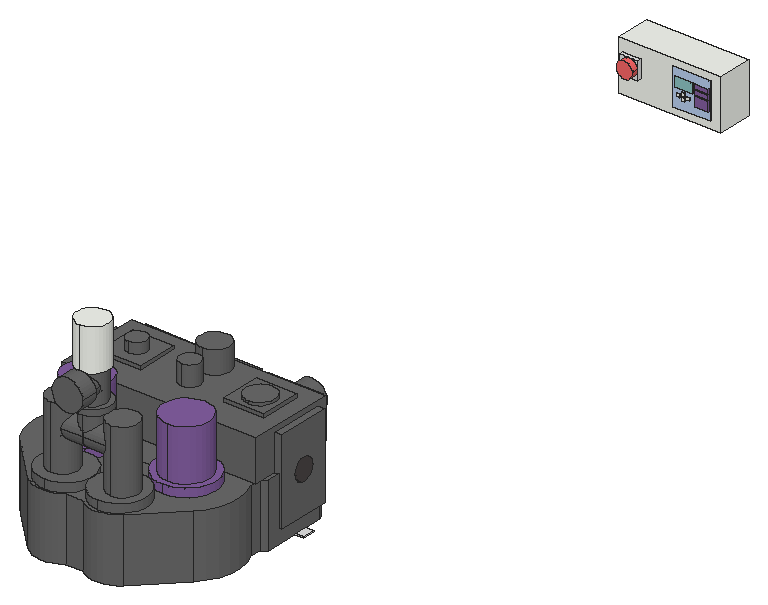
Revit family "28767", category Generic Models, Revit 2021
Family settings
  Can host rebar = No
  Round Connector Dimension = Use Diameter
  Part Type = Normal
  Work Plane-Based = No
  Always vertical = Yes
  Cut with Voids When Loaded = No
  Shared = Yes
  Room Calculation Point = No
Parameters (values of type "28767")
  SUPPLIER = "KESSEL"
  SA700ID50 = "intern"
  SA700ID49 = "Protection Class I"
  SA700ID48 = "no"
  SA700ID47 = "no"
  SA700ID46 = "yes"
  SA700ID37 = 16000 mm
  SA700ID34 = 47
  SA700ID33 = 3.2 W
  SA700ID32 = 91.55 kg
  SA700ID31 = 1
  SA700ID30 = 2
  SA700ID29 = "GLRD"
  SA700ID21 = 1600
  SA700ID10 = "yes"
  SA700ID08 = 400 V
  PROCUREWEBLINK = "https://p.caden.as/kessel/28767"
  PROCURELINK = "p.caden.as/kessel/28767"
  PROCUREDATALASTUPDATE = "2024-05-22T12:18:09.168422663+01:00"
  PRC_SPECIFICATIONLINK = "https://ausschreiben.de/catalog/kessel/catalogItem/64ba6cf4-e48e-4f2f-8d07-dbd7148e6b4a"
  NN = "Lifting station Aqualift F"
  NBSYN = "$SA810ID03."
  NB = "28767"
  Model = "28767"
  Manufacturer = "KESSEL"
  MIdent = "{$CADENAS_DATA/23d-libs/kessel/kessel_vdi_import/4/entwaesserung/hebeanlage20aqualift20f.prj},198 {STYP=ASS},{VTYP=3D},{NB=28767},{LINA=28767},{NN=Lifting station Aqualift F},{DATE=21.11.2022 10:45:45},{GEOMDATE=21.11.2022 10:45:45},{VERSION=},{LINEID=230},{WBVAR=LODLEVEL},{WBNUMERIC=LODLEVEL}  {NB=28767},{LINA=28767},{KT=DUMMY},{PREVIEW=../../bilder/ksb_w_28767.png},{SA700ID04=Hebeanlage Aqualift F Duo, Comfort, SPF 3000-S3, Schieber},{SA810ID06=04026092054581},{SA700ID34=47.00},{SA010ID03=201805},{SA810ID03=28767},{SA810ID10=Die Hebeanlage für fäkalienhaltiges und fäkalienfreies Abwasser ist mit zwei überflutbaren Pumpen sowie einem Rückflussverhinderer ausgestattet. Der Sammelbehälter aus dauerhaft beständigem Kunststoff (PE) bietet universale Anschlussmöglichkeiten und hat eine verschraubte Reinigungsöffnung.Die Steuerung erfolgt durch ein anwenderfreundliches Schaltgerät, das optional über einen potentialfreien Kontakt in die Gebäudeleittechnik eingebunden werden oder Alarm- und Sammelstörmeldungen über eine GSM-Schnittstelle (Comfort Schaltgerät) ausgeben kann.Ausführung:Absperreinrichtung: Schieber aus KunststoffAnlagenart: DoppelanlagePumpensteuerung: SchaltgerätRückflussverhinderer: integriertSchalldämmmatte: jaEinbausituation: freie AufstellungAbwasserart: fäkalienhaltigAllgemeine Merkmale:Farbe: schwarzNorm: EN 12050-1Abmessungen:Länge: 773 mmBreite: 780 mmHöhe: 788 mmBehälter/Grundkörper:Zulauf Anzahl: 2 STZulauf Nennweite (DN): 100 mmZulauf Nennweite (DA): 110 mmZulauf max. Anbohrung (DN): 150 mmAbstand Rohrsohle Zulauf zu Behälterboden: 245 mmAbstand Rohrmitte Zulauf zu Behälterboden: 300 mmAnschluss für Handmembranpumpe (DN): 32Behältervolumen: 120 lDruckabgang: waagerechtDruckabgang (DA): 110 mmDruckabgang (DN): 100 mmEntlüftungsanschluss (DN): 70 mmNutzvolumen: 50 lFreier Kugeldurchgang: 40 mmFördereinrichtung:Pumpe: SPF 3000Anzahl Pumpen: 2Förderhöhe max.: 16 mFörderleistung max.: 47 m3/hBetriebsart: S3 - 50 %Leistung P1: 3,2 kWLeistung P2: 2,7 kWDrehzahl: 2.845 U/minFörderguttemperatur (dauerhaft) max.: 40 °CAnschlusstyp: DirektanschlussGewicht: 24 kgLaufrad Typ: FreistromradLänge Netzanschlussleitung Pumpe: 5 mNennstrom: 5,4 ASchutzart Pumpe: IP 68 (3m/48h)Schutzklasse: ITyp Anschlussleitung Pumpe: H07RN-F 7G 1,5 mm2Temperaturüberwachung: integriertSteuerung:Schaltgerät: ComfortBetriebsspannung: 400 VNetzfrequenz: 50 HzSelbstdiagnosesystem (SDS): jaBatteriepufferung: jaMehrzeilige Displayanzeige: jaLogbuchfunktion: jaGSM-Schnittstelle: jaPotentialfreier Kontakt: jaErforderliche Absicherung (Leitungsschutz): 3 x C 20 AMotorschutz Schalter: jaSchutzart Schaltgerät: IP 54Länge Netzanschlussleitung Schaltgerät: 0 mArt Niveauerfassung: pneumatischInstrument Niveauerfassung: Tauchrohr mit DruckwächterAlarmgeber: Tauchrohr},{SA700ID37=16.00},{SA700ID33=3.20},{SA700ID08=400},{SA700ID30=2},{SA700ID32=91.55},{SA700ID49=Schutzklasse I},{SA700ID50=intern},{SA200ID03=6},{SA250ID03=vertikal},{SA260ID03=Trockenläuferpumpe},{SA350ID03=normalansaugend},{SA400ID03=E-Motor für Drehstrom},{SA460ID03=direkt},{SA500ID03=Kunststoff, Edelstahl},{SA700ID06=100},{SA700ID07=100},{SA700ID09=3/N/PE 400V},{SA700ID10=Ja},{SA700ID11=50},{SA700ID12=IP 68},{SA700ID13=F},{SA700ID15=40},{SA700ID21=1600.00},{SA700ID22=2.70},{SA700ID23=2845},{SA700ID24=2845},{SA700ID26=5.40},{SA700ID27=41.00},{SA700ID28=durchgehend},{SA700ID29=GLRD},{SA700ID31=1},{SA700ID46=ja},{SA700ID47=nein},{SA700ID48=nein},{SA110ID04=Hebeanlage Aqualift F},{SA300ID03=einstufig},{SA700ID44=10.00},{SA700ID45=10.00},{SA010ID04=KESSEL AG},{LODLEVEL=200},{LINK=https://www.kessel.de/info?han=28767},{SA970ID01=970},{SA970ID02=7098},{SA970ID03=28767},{SA970ID04=11002617},{SA970ID05=QUAD},{SA970ID06=-409.9898987},{SA970ID07=-686},{SA970ID08=0},{SA970ID09=1},{SA970ID10=0},{SA970ID11=0},{SA970ID12=0},{SA970ID13=1},{SA970ID14=0},{SA970ID15=819.98999},{SA970ID16=851},{SA970ID17=798.98999},{LODLEVEL_=200,'Low'},{LODLEVEL_DEU=200,'Low'},{LINK_=https://www.kessel.de/info?han=28767},{LINK_DEU=https://www.kessel.de/info?han=28767},{LODLEVEL_3DB=28767_200},{DNIN1=100},{DNIN2=70},{DNIN3=10},{DNIN4=10},{DNIN5=10},{DNIN6=50},{DNIN7=50},{DNIN8=50},{DNIN9=50},{DNOUT1=100},{DNOUT2=70},{DNOUT3=32},{ISDIN1=75},{ISDIN2=83.200},{ISDIN3=10},{ISDOUT1=60.000},{ISDOUT2=73.200},{ISDOUT3=75},{SA010ID01=010},{SA010ID02=4},{SA010ID06=www.kessel.de},{SA010ID07=www.kessel.de},{SA010ID12=20180713},{SA010ID13=DEU},{SA010ID14=DE},{SA100ID01=100},{SA100ID02=4},{SA100ID04=Entwässerung},{SA110ID01=110},{SA110ID02=4},{SA200ID01=200},{SA200ID02=6},{SA250ID01=250},{SA250ID02=2},{SA260ID01=260},{SA260ID02=2},{SA300ID01=300},{SA300ID02=1},{SA350ID01=350},{SA350ID02=1},{SA400ID01=400},{SA400ID02=2},{SA460ID01=460},{SA460ID02=1},{SA500ID01=500},{SA500ID02=1},{SA700ID01=700},{SA700ID02=26},{SA700ID10_=1},{SA700ID16=0},{SA700ID25=0},{SA700ID46_=1},{SA700ID47_=0},{SA700ID48_=0},{SA700ID49_=1},{SA700ID50_=2},{SA800ID01=800},{SA800ID02=26},{SA810ID01=810},{SA810ID02=26},{SA810ID04=28767},{SA810ID07=26},{SA810ID09=1},{SA810ID14=PCE},{SA810ID15=1},{SA810ID16=NMP},{SA960ID03=26},{SA960ID04=3L},{SA960ID08=https://www.kessel.de/info?han=28767},{SA010ID08=4026092000007},{SA100ID05=Hebeanlage},{SA110ID06=Hebeanlage}"
  LINK = "https://www.kessel.de/info?han=28767"
  LINA = "28767"
  Default Elevation = 0 mm
  CREATOR = "CADENAS GmbH"
  CATALOG = "KESSEL"
  BOMINFO = "LINA"
  ARTICLENO = "NB"
  4.810.00.9 Order quantity (multiplicator) = "1"
  4.810.00.7 Media- connection number = "26"
  4.810.00.6 GTIN number = "04026092054581"
  4.810.00.4 DATANORM number = "28767"
  4.810.00.3 Producer order number = "28767"
  4.710.03.7 Mass (net) = 91.55 kg
  4.710.03.6 Height = 788 mm
  4.710.03.5 Width = 780 mm
  4.710.03.4 Length = 773 mm
  4.710.03.3 Type of dimensions = "2"
  4.710.02.8 Area of application of wastewater pump = "1"
  4.710.02.7 Art des S2/S3-Betriebs = "50 %"
  4.710.02.6 Duty type = "S3"
  4.710.02.5 Cutting device = "0"
  4.710.02.4 Attached pump control = "1"
  4.710.02.3 Free passage = 40 mm
  4.710.01.6 Option to connect to building automation = "40"
  4.710.01.5 Load regulation = "0"
  4.710.01.4 Designation of closed-loop control = "50"
  4.710.01.3 Identifier for closed-loop control = "120"
  4.700.00.9 Voltage = 0
  4.700.00.8 Nominal connection size on suction side = "100"
  4.700.00.7 Nominal connection size on pressure side = "100"
  4.700.00.6 Type of connection = "100"
  4.700.00.4 Product indentification = "Hebeanlage Aqualift F Duo, Comfort, SPF 3000-S3, Schieber"
  4.700.00.28 Motor pump shaft = "durchgehend"
  4.700.00.27 Starting current = 41
  4.700.00.26 Maximum power consumption per pump / drive = 5.4
  4.700.00.25 Minimum speed at internal speed adjustment = 0
  4.700.00.24 Nominal speed / maximum speed n = 47.4167
  4.700.00.23 Nominal speed of motor = 47.4167
  4.700.00.22 Maximum shaft output (P2) per pump/drive = 2.7 W
  4.700.00.16 Maximum temperature of pumped medium = 0 °C
  4.700.00.15 Increased safety class = "40 °C"
  4.700.00.13 Type of protection = "F"
  4.700.00.12 Frequency = 0
  4.700.00.11 Stern-/Dreieck-Anlaufschaltung bei Dreiphasenanschluss oder Drehstrom = "50 Hz"
  4.700.00.10 Phase = "1"
  4.500.00.3 Variant / Variant type / Accessories-name = "Kunststoff, Edelstahl"
  4.460.00.3 Variant / Variant type / Accessories-name = "direkt"
  4.400.00.3 Variant / Variant type / Accessories-name = "E-Motor für Drehstrom"
  4.350.00.3 Variant / Variant type / Accessories-name = "normalansaugend"
  4.300.00.3 Variant / Variant type / Accessories-name = "einstufig"
  4.260.00.3 Variant / Variant type / Accessories-name = "Trockenläuferpumpe"
  4.250.00.3 Variant / Variant type / Accessories-name = "vertikal"
  4.200.00.3 Variant / Variant type / Accessories-name = "6"
  4.110.00.6 Product classification = "Hebeanlage"
  4.110.00.4 Product indentification = "Hebeanlage Aqualift F"
  4.100.00.5 Main groups of wares = "Hebeanlage"
  4.100.00.4 Product indentification = "Entwässerung"
  4.010.00.8 Producer ID number = "4026092000007"
  4.010.00.7 Comment = "www.kessel.de"
  4.010.00.6 Web address of the manufacturer = "www.kessel.de"
  4.010.00.4 Manufacturer name = "KESSEL AG"
  4.010.00.3 Date of issuance (month) of guideline = "201805"
  4.010.00.2 Sheet number of the guideline = "4"
  4.010.00.14 Kennungen der Projektländer, für die die Datei gültig ist = "DE"
  4.010.00.13 Sprache der Datei = "DEU"
  4.010.00.12 Stand des Herstellerkatalogs = "20180713"
Reference planes
  plane 1 "Center (Front/Back)": y = 0
  plane 2: z = 0
  plane 3 "Center (Left/Right)": x = 0
Dimensions and locks
  aligned and locked: level to plane 2
Nested families
  nested 1: "28767_content" at (0, 0, 0), type "28767_Content"
  nested 2: "28767_part1_X0Y0" at (1000, 1000, 1200), type "28767_PART1_X0Y0"
  nested 3: "28767_part2_X0Y0" at (0, 0, 0), type "28767_PART2_X0Y0"
Connectors
  electrical at (861, 933, 1201.5)
    settings: on nested 2, index 1, voltage 0 V, apparent load 0 VA, apparent load phase1 0 VA, apparent load phase2 0 VA, apparent load phase3 0 VA, power factor 1, load classification "Other", number of poles 1, system type 31, power factor state 1, is connector primary yes, connector utility no, sub classification motor no, connector description ""
  piping at (230, 164.99, 301), diameter 100
    settings: on nested 3, index 2, connector inside diameter 609.6 mm, connector length 0 mm, flow factor 0, pipe flow 0.0 L/s, pressure drop 0.0 Pa, fitting loss kfactor 0, connector angle 0.00°, fixture units 0, engagement length 0 mm, angle of deflection 0.00°, flow configuration 0, flow direction 1, fitting loss method 2, system type 29, joint type 0, gender type 0, connector reference index -1, connector utility 0, adjustable connector no, is connector primary yes, connector description ""
  piping at (0, 0, 471), diameter 100
    settings: on nested 3, index 3, connector inside diameter 609.6 mm, connector length 0 mm, flow factor 0, pipe flow 0.0 L/s, pressure drop 0.0 Pa, fitting loss kfactor 0, connector angle 0.00°, fixture units 0, engagement length 0 mm, angle of deflection 0.00°, flow configuration 0, flow direction 1, fitting loss method 2, system type 29, joint type 0, gender type 0, connector reference index -1, connector utility 0, adjustable connector no, is connector primary no, connector description ""
  piping at (391.5, -74.999, 214), diameter 70
    settings: on nested 3, index 4, connector inside diameter 609.6 mm, connector length 0 mm, flow factor 0, pipe flow 0.0 L/s, pressure drop 0.0 Pa, fitting loss kfactor 0, connector angle 0.00°, fixture units 0, engagement length 0 mm, angle of deflection 0.00°, flow configuration 0, flow direction 0, fitting loss method 2, system type 29, joint type 0, gender type 0, connector reference index -1, connector utility 0, adjustable connector no, is connector primary no, connector description ""
  piping at (0.998, 96.5, 214), diameter 70
    settings: on nested 3, index 5, connector inside diameter 609.6 mm, connector length 0 mm, flow factor 0, pipe flow 0.0 L/s, pressure drop 0.0 Pa, fitting loss kfactor 0, connector angle 0.00°, fixture units 0, engagement length 0 mm, angle of deflection 0.00°, flow configuration 0, flow direction 0, fitting loss method 2, system type 29, joint type 0, gender type 0, connector reference index -1, connector utility 0, adjustable connector no, is connector primary no, connector description ""
  piping at (-230.25, 91.49, 214), diameter 70
    settings: on nested 3, index 6, connector inside diameter 609.6 mm, connector length 0 mm, flow factor 0, pipe flow 0.0 L/s, pressure drop 0.0 Pa, fitting loss kfactor 0, connector angle 0.00°, fixture units 0, engagement length 0 mm, angle of deflection 0.00°, flow configuration 0, flow direction 0, fitting loss method 2, system type 29, joint type 0, gender type 0, connector reference index -1, connector utility 0, adjustable connector no, is connector primary no, connector description ""
  piping at (-391.5, -75, 214), diameter 70
    settings: on nested 3, index 7, connector inside diameter 609.6 mm, connector length 0 mm, flow factor 0, pipe flow 0.0 L/s, pressure drop 0.0 Pa, fitting loss kfactor 0, connector angle 0.00°, fixture units 0, engagement length 0 mm, angle of deflection 0.00°, flow configuration 0, flow direction 0, fitting loss method 2, system type 29, joint type 0, gender type 0, connector reference index -1, connector utility 0, adjustable connector no, is connector primary no, connector description ""
  piping at (0, -115, 461), diameter 70
    settings: on nested 3, index 8, connector inside diameter 609.6 mm, connector length 0 mm, flow factor 0, pipe flow 0.0 L/s, pressure drop 0.0 Pa, fitting loss kfactor 0, connector angle 0.00°, fixture units 0, engagement length 0 mm, angle of deflection 0.00°, flow configuration 0, flow direction 2, fitting loss method 2, system type 29, joint type 0, gender type 0, connector reference index -1, connector utility 0, adjustable connector no, is connector primary no, connector description ""
  piping at (0, -686, 591), diameter 100
    settings: on nested 3, index 9, connector inside diameter 609.6 mm, connector length 0 mm, flow factor 0, pipe flow 0.0 L/s, pressure drop 0.0 Pa, fitting loss kfactor 0, connector angle 0.00°, fixture units 0, engagement length 0 mm, angle of deflection 0.00°, flow configuration 0, flow direction 2, fitting loss method 2, system type 29, joint type 0, gender type 0, connector reference index -1, connector utility 0, adjustable connector no, is connector primary no, connector description ""
  piping at (230, 164.99, 81.07), diameter 32
    settings: on nested 3, index 10, connector inside diameter 609.6 mm, connector length 0 mm, flow factor 0, pipe flow 0.0 L/s, pressure drop 0.0 Pa, fitting loss kfactor 0, connector angle 0.00°, fixture units 0, engagement length 0 mm, angle of deflection 0.00°, flow configuration 0, flow direction 2, fitting loss method 2, system type 29, joint type 0, gender type 0, connector reference index -1, connector utility 0, adjustable connector no, is connector primary no, connector description ""
  electrical at (185, -365, 457)
    settings: on nested 3, index 11, voltage 0 V, apparent load 0 VA, apparent load phase1 0 VA, apparent load phase2 0 VA, apparent load phase3 0 VA, power factor 1, load classification "Other", number of poles 1, system type 31, power factor state 1, is connector primary no, connector utility no, sub classification motor no, connector description ""
  electrical at (-185, -364.75, 457)
    settings: on nested 3, index 12, voltage 0 V, apparent load 0 VA, apparent load phase1 0 VA, apparent load phase2 0 VA, apparent load phase3 0 VA, power factor 1, load classification "Other", number of poles 1, system type 31, power factor state 1, is connector primary no, connector utility no, sub classification motor no, connector description ""
  electrical at (-230.6, -74.8, 436.49)
    settings: on nested 3, index 13, voltage 0 V, apparent load 0 VA, apparent load phase1 0 VA, apparent load phase2 0 VA, apparent load phase3 0 VA, power factor 1, load classification "Other", number of poles 1, system type 31, power factor state 1, is connector primary no, connector utility no, sub classification motor no, connector description ""
Definition of nested family "28767_part1_X0Y0"
  Parameters (values of type "28767_PART1_X0Y0")
    SUPPLIER = "KESSEL"
    SA700ID50 = "intern"
    SA700ID49 = "Protection Class I"
    SA700ID48 = "no"
    SA700ID47 = "no"
    SA700ID46 = "yes"
    SA700ID37 = 16000 mm
    SA700ID34 = 47
    SA700ID33 = 3.2 W
    SA700ID32 = 91.55 kg
    SA700ID31 = 1
    SA700ID30 = 2
    SA700ID29 = "GLRD"
    SA700ID21 = 1600
    SA700ID10 = "yes"
    SA700ID08 = 400 V
    NBSYN = "$SA810ID03._PART1"
    NB = "28767_PART1"
    Model = "28767_PART1"
    Manufacturer = "KESSEL"
    MIdent = "{$CADENAS_DATA/23d-libs/kessel/kessel_vdi_import/4/entwaesserung/hebeanlage20aqualift20f.prj},218 {VTYP=3D},{NB=28767_PART1},{LINA=28767_PART1},{NN=Lifting station Aqualift F_PART1},{NOPRJ=TRUE},{DATE=21.11.2022 10:45:45},{GEOMDATE=21.11.2022 10:45:45},{VERSION=},{LINEID=230},{WBVAR=LODLEVEL},{WBNUMERIC=LODLEVEL}  {NB=28767_PART1},{LINA=28767_PART1},{KT=DUMMY},{PREVIEW=../../bilder/ksb_w_28767.png},{SA700ID04=Hebeanlage Aqualift F Duo, Comfort, SPF 3000-S3, Schieber},{SA810ID06=04026092054581},{SA700ID34=47.00},{SA010ID03=201805},{SA810ID03=28767},{SA810ID10=Die Hebeanlage für fäkalienhaltiges und fäkalienfreies Abwasser ist mit zwei überflutbaren Pumpen sowie einem Rückflussverhinderer ausgestattet. Der Sammelbehälter aus dauerhaft beständigem Kunststoff (PE) bietet universale Anschlussmöglichkeiten und hat eine verschraubte Reinigungsöffnung.Die Steuerung erfolgt durch ein anwenderfreundliches Schaltgerät, das optional über einen potentialfreien Kontakt in die Gebäudeleittechnik eingebunden werden oder Alarm- und Sammelstörmeldungen über eine GSM-Schnittstelle (Comfort Schaltgerät) ausgeben kann.Ausführung:Absperreinrichtung: Schieber aus KunststoffAnlagenart: DoppelanlagePumpensteuerung: SchaltgerätRückflussverhinderer: integriertSchalldämmmatte: jaEinbausituation: freie AufstellungAbwasserart: fäkalienhaltigAllgemeine Merkmale:Farbe: schwarzNorm: EN 12050-1Abmessungen:Länge: 773 mmBreite: 780 mmHöhe: 788 mmBehälter/Grundkörper:Zulauf Anzahl: 2 STZulauf Nennweite (DN): 100 mmZulauf Nennweite (DA): 110 mmZulauf max. Anbohrung (DN): 150 mmAbstand Rohrsohle Zulauf zu Behälterboden: 245 mmAbstand Rohrmitte Zulauf zu Behälterboden: 300 mmAnschluss für Handmembranpumpe (DN): 32Behältervolumen: 120 lDruckabgang: waagerechtDruckabgang (DA): 110 mmDruckabgang (DN): 100 mmEntlüftungsanschluss (DN): 70 mmNutzvolumen: 50 lFreier Kugeldurchgang: 40 mmFördereinrichtung:Pumpe: SPF 3000Anzahl Pumpen: 2Förderhöhe max.: 16 mFörderleistung max.: 47 m3/hBetriebsart: S3 - 50 %Leistung P1: 3,2 kWLeistung P2: 2,7 kWDrehzahl: 2.845 U/minFörderguttemperatur (dauerhaft) max.: 40 °CAnschlusstyp: DirektanschlussGewicht: 24 kgLaufrad Typ: FreistromradLänge Netzanschlussleitung Pumpe: 5 mNennstrom: 5,4 ASchutzart Pumpe: IP 68 (3m/48h)Schutzklasse: ITyp Anschlussleitung Pumpe: H07RN-F 7G 1,5 mm2Temperaturüberwachung: integriertSteuerung:Schaltgerät: ComfortBetriebsspannung: 400 VNetzfrequenz: 50 HzSelbstdiagnosesystem (SDS): jaBatteriepufferung: jaMehrzeilige Displayanzeige: jaLogbuchfunktion: jaGSM-Schnittstelle: jaPotentialfreier Kontakt: jaErforderliche Absicherung (Leitungsschutz): 3 x C 20 AMotorschutz Schalter: jaSchutzart Schaltgerät: IP 54Länge Netzanschlussleitung Schaltgerät: 0 mArt Niveauerfassung: pneumatischInstrument Niveauerfassung: Tauchrohr mit DruckwächterAlarmgeber: Tauchrohr},{SA700ID37=16.00},{SA700ID33=3.20},{SA700ID08=400},{SA700ID30=2},{SA700ID32=91.55},{SA700ID49=Schutzklasse I},{SA700ID50=intern},{SA200ID03=6},{SA250ID03=vertikal},{SA260ID03=Trockenläuferpumpe},{SA350ID03=normalansaugend},{SA400ID03=E-Motor für Drehstrom},{SA460ID03=direkt},{SA500ID03=Kunststoff, Edelstahl},{SA700ID06=100},{SA700ID07=100},{SA700ID09=3/N/PE 400V},{SA700ID10=Ja},{SA700ID11=50},{SA700ID12=IP 68},{SA700ID13=F},{SA700ID15=40},{SA700ID21=1600.00},{SA700ID22=2.70},{SA700ID23=2845},{SA700ID24=2845},{SA700ID26=5.40},{SA700ID27=41.00},{SA700ID28=durchgehend},{SA700ID29=GLRD},{SA700ID31=1},{SA700ID46=ja},{SA700ID47=nein},{SA700ID48=nein},{SA110ID04=Hebeanlage Aqualift F},{SA300ID03=einstufig},{SA700ID44=10.00},{SA700ID45=10.00},{SA010ID04=KESSEL AG},{LODLEVEL=200},{LINK=https://www.kessel.de/info?han=28767},{SA970ID01=970},{SA970ID02=7098},{SA970ID03=28767},{SA970ID04=11002617},{SA970ID05=QUAD},{SA970ID06=-409.9898987},{SA970ID07=-686},{SA970ID08=0},{SA970ID09=1},{SA970ID10=0},{SA970ID11=0},{SA970ID12=0},{SA970ID13=1},{SA970ID14=0},{SA970ID15=819.98999},{SA970ID16=851},{SA970ID17=798.98999},{LODLEVEL_=200,'Low'},{LODLEVEL_DEU=200,'Low'},{LINK_=https://www.kessel.de/info?han=28767},{LINK_DEU=https://www.kessel.de/info?han=28767},{LODLEVEL_3DB=28767_200},{DNIN1=100},{DNIN2=70},{DNIN3=10},{DNIN4=10},{DNIN5=10},{DNIN6=50},{DNIN7=50},{DNIN8=50},{DNIN9=50},{DNOUT1=100},{DNOUT2=70},{DNOUT3=32},{ISDIN1=75},{ISDIN2=83.200},{ISDIN3=10},{ISDOUT1=60.000},{ISDOUT2=73.200},{ISDOUT3=75},{SA010ID01=010},{SA010ID02=4},{SA010ID06=www.kessel.de},{SA010ID07=www.kessel.de},{SA010ID12=20180713},{SA010ID13=DEU},{SA010ID14=DE},{SA100ID01=100},{SA100ID02=4},{SA100ID04=Entwässerung},{SA110ID01=110},{SA110ID02=4},{SA200ID01=200},{SA200ID02=6},{SA250ID01=250},{SA250ID02=2},{SA260ID01=260},{SA260ID02=2},{SA300ID01=300},{SA300ID02=1},{SA350ID01=350},{SA350ID02=1},{SA400ID01=400},{SA400ID02=2},{SA460ID01=460},{SA460ID02=1},{SA500ID01=500},{SA500ID02=1},{SA700ID01=700},{SA700ID02=26},{SA700ID10_=1},{SA700ID16=0},{SA700ID25=0},{SA700ID46_=1},{SA700ID47_=0},{SA700ID48_=0},{SA700ID49_=1},{SA700ID50_=2},{SA800ID01=800},{SA800ID02=26},{SA810ID01=810},{SA810ID02=26},{SA810ID04=28767},{SA810ID07=26},{SA810ID09=1},{SA810ID14=PCE},{SA810ID15=1},{SA810ID16=NMP},{SA960ID03=26},{SA960ID04=3L},{SA960ID08=https://www.kessel.de/info?han=28767},{SA010ID08=4026092000007},{SA100ID05=Hebeanlage},{SA110ID06=Hebeanlage}"
    LINK = "https://www.kessel.de/info?han=28767"
    LINA = "28767_PART1"
    Default Elevation = 1219.2 mm
    CREATOR = "CADENAS GmbH"
    CATALOG = "KESSEL"
    BOMINFO = "LINA"
    ARTICLENO = "NB"
    4.810.00.9 Order quantity (multiplicator) = "1"
    4.810.00.7 Media- connection number = "26"
    4.810.00.6 GTIN number = "04026092054581"
    4.810.00.4 DATANORM number = "28767"
    4.810.00.3 Producer order number = "28767"
    4.710.03.7 Mass (net) = 91.55 kg
    4.710.03.6 Height = 788 mm
    4.710.03.5 Width = 780 mm
    4.710.03.4 Length = 773 mm
    4.710.03.3 Type of dimensions = "2"
    4.710.02.8 Area of application of wastewater pump = "1"
    4.710.02.7 Art des S2/S3-Betriebs = "50 %"
    4.710.02.6 Duty type = "S3"
    4.710.02.5 Cutting device = "0"
    4.710.02.4 Attached pump control = "1"
    4.710.02.3 Free passage = 40 mm
    4.710.01.6 Option to connect to building automation = "40"
    4.710.01.5 Load regulation = "0"
    4.710.01.4 Designation of closed-loop control = "50"
    4.710.01.3 Identifier for closed-loop control = "120"
    4.700.00.9 Voltage = 0
    4.700.00.8 Nominal connection size on suction side = "100"
    4.700.00.7 Nominal connection size on pressure side = "100"
    4.700.00.6 Type of connection = "100"
    4.700.00.4 Product indentification = "Hebeanlage Aqualift F Duo, Comfort, SPF 3000-S3, Schieber"
    4.700.00.28 Motor pump shaft = "durchgehend"
    4.700.00.27 Starting current = 41
    4.700.00.26 Maximum power consumption per pump / drive = 5.4
    4.700.00.25 Minimum speed at internal speed adjustment = 0
    4.700.00.24 Nominal speed / maximum speed n = 47.4167
    4.700.00.23 Nominal speed of motor = 47.4167
    4.700.00.22 Maximum shaft output (P2) per pump/drive = 2.7 W
    4.700.00.16 Maximum temperature of pumped medium = 0 °C
    4.700.00.15 Increased safety class = "40 °C"
    4.700.00.13 Type of protection = "F"
    4.700.00.12 Frequency = 0
    4.700.00.11 Stern-/Dreieck-Anlaufschaltung bei Dreiphasenanschluss oder Drehstrom = "50 Hz"
    4.700.00.10 Phase = "1"
    4.500.00.3 Variant / Variant type / Accessories-name = "Kunststoff, Edelstahl"
    4.460.00.3 Variant / Variant type / Accessories-name = "direkt"
    4.400.00.3 Variant / Variant type / Accessories-name = "E-Motor für Drehstrom"
    4.350.00.3 Variant / Variant type / Accessories-name = "normalansaugend"
    4.300.00.3 Variant / Variant type / Accessories-name = "einstufig"
    4.260.00.3 Variant / Variant type / Accessories-name = "Trockenläuferpumpe"
    4.250.00.3 Variant / Variant type / Accessories-name = "vertikal"
    4.200.00.3 Variant / Variant type / Accessories-name = "6"
    4.110.00.6 Product classification = "Hebeanlage"
    4.110.00.4 Product indentification = "Hebeanlage Aqualift F"
    4.100.00.5 Main groups of wares = "Hebeanlage"
    4.100.00.4 Product indentification = "Entwässerung"
    4.010.00.8 Producer ID number = "4026092000007"
    4.010.00.7 Comment = "www.kessel.de"
    4.010.00.6 Web address of the manufacturer = "www.kessel.de"
    4.010.00.4 Manufacturer name = "KESSEL AG"
    4.010.00.3 Date of issuance (month) of guideline = "201805"
    4.010.00.2 Sheet number of the guideline = "4"
    4.010.00.14 Kennungen der Projektländer, für die die Datei gültig ist = "DE"
    4.010.00.13 Sprache der Datei = "DEU"
    4.010.00.12 Stand des Herstellerkatalogs = "20180713"
  Reference planes
    plane 1 "Center (Front/Back)": y = 0
    plane 2: z = 0
    plane 3 "Center (Left/Right)": x = 0
  Dimensions and locks
    aligned and locked: level to plane 2
  Nested families
    nested 1: "28767_part1_content" at (0, 0, 0), type "28767_PART1_Content"
  Definition of nested family "28767_part1_content"
    Parameters (values of type "28767_PART1_Content")
      SUPPLIER = "KESSEL"
      SA700ID50 = "intern"
      SA700ID49 = "Protection Class I"
      SA700ID48 = "no"
      SA700ID47 = "no"
      SA700ID46 = "yes"
      SA700ID37 = 16000 mm
      SA700ID34 = 47
      SA700ID33 = 3.2 W
      SA700ID32 = 91.55 kg
      SA700ID31 = 1
      SA700ID30 = 2
      SA700ID29 = "GLRD"
      SA700ID21 = 1600
      SA700ID10 = "yes"
      SA700ID08 = 400 V
      NBSYN = "$SA810ID03._PART1"
      NB = "28767_PART1"
      Model = "28767_PART1"
      Manufacturer = "KESSEL"
      LINK = "https://www.kessel.de/info?han=28767"
      LINA = "28767_PART1"
      Default Elevation = 1219.2 mm
      CREATOR = "CADENAS GmbH"
      CATALOG = "KESSEL"
      BOMINFO = "LINA"
      ARTICLENO = "NB"
      4.810.00.9 Order quantity (multiplicator) = "1"
      4.810.00.7 Media- connection number = "26"
      4.810.00.6 GTIN number = "04026092054581"
      4.810.00.4 DATANORM number = "28767"
      4.810.00.3 Producer order number = "28767"
      4.710.03.7 Mass (net) = 91.55 kg
      4.710.03.6 Height = 788 mm
      4.710.03.5 Width = 780 mm
      4.710.03.4 Length = 773 mm
      4.710.03.3 Type of dimensions = "2"
      4.710.02.8 Area of application of wastewater pump = "1"
      4.710.02.7 Art des S2/S3-Betriebs = "50 %"
      4.710.02.6 Duty type = "S3"
      4.710.02.5 Cutting device = "0"
      4.710.02.4 Attached pump control = "1"
      4.710.02.3 Free passage = 40 mm
      4.710.01.6 Option to connect to building automation = "40"
      4.710.01.5 Load regulation = "0"
      4.710.01.4 Designation of closed-loop control = "50"
      4.710.01.3 Identifier for closed-loop control = "120"
      4.700.00.9 Voltage = 0
      4.700.00.8 Nominal connection size on suction side = "100"
      4.700.00.7 Nominal connection size on pressure side = "100"
      4.700.00.6 Type of connection = "100"
      4.700.00.4 Product indentification = "Hebeanlage Aqualift F Duo, Comfort, SPF 3000-S3, Schieber"
      4.700.00.28 Motor pump shaft = "durchgehend"
      4.700.00.27 Starting current = 41
      4.700.00.26 Maximum power consumption per pump / drive = 5.4
      4.700.00.25 Minimum speed at internal speed adjustment = 0
      4.700.00.24 Nominal speed / maximum speed n = 47.4167
      4.700.00.23 Nominal speed of motor = 47.4167
      4.700.00.22 Maximum shaft output (P2) per pump/drive = 2.7 W
      4.700.00.16 Maximum temperature of pumped medium = 0 °C
      4.700.00.15 Increased safety class = "40 °C"
      4.700.00.13 Type of protection = "F"
      4.700.00.12 Frequency = 0
      4.700.00.11 Stern-/Dreieck-Anlaufschaltung bei Dreiphasenanschluss oder Drehstrom = "50 Hz"
      4.700.00.10 Phase = "1"
      4.500.00.3 Variant / Variant type / Accessories-name = "Kunststoff, Edelstahl"
      4.460.00.3 Variant / Variant type / Accessories-name = "direkt"
      4.400.00.3 Variant / Variant type / Accessories-name = "E-Motor für Drehstrom"
      4.350.00.3 Variant / Variant type / Accessories-name = "normalansaugend"
      4.300.00.3 Variant / Variant type / Accessories-name = "einstufig"
      4.260.00.3 Variant / Variant type / Accessories-name = "Trockenläuferpumpe"
      4.250.00.3 Variant / Variant type / Accessories-name = "vertikal"
      4.200.00.3 Variant / Variant type / Accessories-name = "6"
      4.110.00.6 Product classification = "Hebeanlage"
      4.110.00.4 Product indentification = "Hebeanlage Aqualift F"
      4.100.00.5 Main groups of wares = "Hebeanlage"
      4.100.00.4 Product indentification = "Entwässerung"
      4.010.00.8 Producer ID number = "4026092000007"
      4.010.00.7 Comment = "www.kessel.de"
      4.010.00.6 Web address of the manufacturer = "www.kessel.de"
      4.010.00.4 Manufacturer name = "KESSEL AG"
      4.010.00.3 Date of issuance (month) of guideline = "201805"
      4.010.00.2 Sheet number of the guideline = "4"
      4.010.00.14 Kennungen der Projektländer, für die die Datei gültig ist = "DE"
      4.010.00.13 Sprache der Datei = "DEU"
      4.010.00.12 Stand des Herstellerkatalogs = "20180713"
    Reference planes
      plane 1 "Center (Front/Back)": y = 0
      plane 2: z = 0
      plane 3 "Center (Left/Right)": x = 0
    Forms (mm)
      Extrusion 1, solid, detail levels medium+fine
        sketch origin (189.25, -1.75, 0.2) x (0, -1, 0) y (0, 0, 1)
          loop
            line (0, 187.8) -> (0, 0) -> (127.75, 0) -> (127.75, 187.8) -> (0, 187.8)
        from 0 to 378.5
      Extrusion 2, solid, detail levels medium+fine
        sketch origin (-4, -67, 0) x (0, 1, 0) y (-1, 0, 0)
          loop
            circle (0, 0) r 12.5
        from 0 to 1.5
      Extrusion 3, solid, detail levels medium+fine
        sketch origin (150.8, -129.5, 26.5) x (0, -1, 0) y (0, 0, 1)
          loop
            line (-1.2, 134.8) -> (-1.2, 0) -> (0.25, 0) -> (0.25, 134.8) -> (-1.2, 134.8)
        from 0 to 139.9
      Extrusion 4, solid, detail levels medium+fine
        sketch origin (72.55, -129.75, 66) x (0, -1, 0) y (0, 0, 1)
          loop
            line (-1, 12) -> (-1, 0) -> (0.5, 0) -> (0.5, 12) -> (-1, 12)
        from 0 to 12
      Extrusion 5, solid, detail levels medium+fine
        sketch origin (84.45, -129.75, 93.4) x (0, -1, 0) y (0, 0, 1)
          loop
            line (-1, 37) -> (-1, 0) -> (0.5, 0) -> (0.5, 37) -> (-1, 37)
        from 0 to 66
      Extrusion 6, solid, detail levels medium+fine
        sketch origin (55.3, -129.75, 74) x (0, -1, 0) y (0, 0, 1)
          loop
            line (-1, 12) -> (-1, 0) -> (0.5, 0) -> (0.5, 12) -> (-1, 12)
        from 0 to 12
      Extrusion 7, solid, detail levels medium+fine
        sketch origin (143.3, -129.75, 94.4) x (0, -1, 0) y (0, 0, 1)
          loop
            line (0, 16) -> (0, 0) -> (1.75, 0) -> (1.75, 16) -> (0, 16)
        from 0 to 51
      Extrusion 8, solid, detail levels medium+fine
        sketch origin (143.3, -129.75, 54.4) x (0, -1, 0) y (0, 0, 1)
          loop
            line (0, 36) -> (0, 0) -> (1.75, 0) -> (1.75, 36) -> (0, 36)
        from 0 to 51
      Extrusion 9, solid, detail levels medium+fine
        sketch origin (55.3, -129.75, 57.5) x (0, -1, 0) y (0, 0, 1)
          loop
            line (-1, 12) -> (-1, 0) -> (0.5, 0) -> (0.5, 12) -> (-1, 12)
        from 0 to 12
      Extrusion 10, solid, detail levels medium+fine
        sketch origin (143.3, -129.75, 114.4) x (0, -1, 0) y (0, 0, 1)
          loop
            line (0, 16) -> (0, 0) -> (1.75, 0) -> (1.75, 16) -> (0, 16)
        from 0 to 51
      Extrusion 11, solid, detail levels medium+fine
        sketch origin (38.05, -129.75, 66) x (0, -1, 0) y (0, 0, 1)
          loop
            line (-1, 12) -> (-1, 0) -> (0.5, 0) -> (0.5, 12) -> (-1, 12)
        from 0 to 12
      Extrusion 12, solid, detail levels medium+fine
        sketch origin (47, -72, 0) x (0, 1, 0) y (-1, 0, 0)
          loop
            circle (0, 0) r 8
        from 0 to 1.5
      Extrusion 13, solid, detail levels medium+fine
        sketch origin (47, -42, 0) x (0, 1, 0) y (-1, 0, 0)
          loop
            circle (0, 0) r 5.25
        from 0 to 1.5
      Extrusion 14, solid, detail levels medium+fine
        sketch origin (77, -72, 0) x (0, 1, 0) y (-1, 0, 0)
          loop
            circle (0, 0) r 8
        from 0 to 1.5
      Extrusion 15, solid, detail levels medium+fine
        sketch origin (-94, -67, 0) x (0, 1, 0) y (-1, 0, 0)
          loop
            circle (0, 0) r 12.5
        from 0 to 1.5
      Extrusion 16, solid, detail levels medium+fine
        sketch origin (92, -42, 0) x (0, 1, 0) y (-1, 0, 0)
          loop
            circle (0, 0) r 8
        from 0 to 1.5
      Extrusion 17, solid, detail levels medium+fine
        sketch origin (107, -72, 0) x (0, 1, 0) y (-1, 0, 0)
          loop
            circle (0, 0) r 8
        from 0 to 1.5
      Extrusion 18, solid, detail levels medium+fine
        sketch origin (122, -42, 0) x (0, 1, 0) y (-1, 0, 0)
          loop
            circle (0, 0) r 8
        from 0 to 1.5
      Extrusion 19, solid, detail levels medium+fine
        sketch origin (-107.7, -129.5, 76.9) x (0, -1, 0) y (0, 0, 1)
          loop
            line (0, 67) -> (0, 0) -> (14, 0) -> (14, 67) -> (0, 67)
        from 0 to 67
      Extrusion 20, solid, detail levels medium+fine
        sketch origin (-141.2, -143.5, 110.4) x (1, 0, 0) y (0, 0, 1)
          loop
            circle (0, 0) r 30
        from 0 to 22
      Extrusion 21, solid, detail levels medium+fine
        sketch origin (127, -15, 0) x (0, 1, 0) y (-1, 0, 0)
          loop
            circle (0, 0) r 6
        from 0 to 1.5
      Extrusion 22, solid, detail levels medium+fine
        sketch origin (137, -72, 0) x (0, 1, 0) y (-1, 0, 0)
          loop
            circle (0, 0) r 8
        from 0 to 1.5
      Extrusion 23, solid, detail levels medium+fine
        sketch origin (-139, -67, 0) x (0, 1, 0) y (-1, 0, 0)
          loop
            circle (0, 0) r 12.5
        from 0 to 1.5
      Extrusion 24, solid, detail levels medium+fine
        sketch origin (152, -42, 0) x (0, 1, 0) y (-1, 0, 0)
          loop
            circle (0, 0) r 8
        from 0 to 1.5
      Extrusion 25, solid, detail levels coarse
        sketch origin (0, -83.625, 0) x (1, 0, 0) y (0, 1, 0)
          loop
            line (-189.25, -81.875) -> (189.25, -81.875) -> (189.25, 81.875) -> (-189.25, 81.875) -> (-189.25, -81.875)
        from 0 to 188
    Dimensions and locks
      aligned and locked: level to plane 2
Definition of nested family "28767_part2_X0Y0"
  Parameters (values of type "28767_PART2_X0Y0")
    SUPPLIER = "KESSEL"
    SA700ID50 = "intern"
    SA700ID49 = "Protection Class I"
    SA700ID48 = "no"
    SA700ID47 = "no"
    SA700ID46 = "yes"
    SA700ID37 = 16000 mm
    SA700ID34 = 47
    SA700ID33 = 3.2 W
    SA700ID32 = 91.55 kg
    SA700ID31 = 1
    SA700ID30 = 2
    SA700ID29 = "GLRD"
    SA700ID21 = 1600
    SA700ID10 = "yes"
    SA700ID08 = 400 V
    NBSYN = "$SA810ID03._PART2"
    NB = "28767_PART2"
    Model = "28767_PART2"
    Manufacturer = "KESSEL"
    MIdent = "{$CADENAS_DATA/23d-libs/kessel/kessel_vdi_import/4/entwaesserung/hebeanlage20aqualift20f.prj},218 {VTYP=3D},{NB=28767_PART2},{LINA=28767_PART2},{NN=Lifting station Aqualift F_PART2},{NOPRJ=TRUE},{DATE=21.11.2022 10:45:45},{GEOMDATE=21.11.2022 10:45:45},{VERSION=},{LINEID=230},{WBVAR=LODLEVEL},{WBNUMERIC=LODLEVEL}  {NB=28767_PART2},{LINA=28767_PART2},{KT=DUMMY},{PREVIEW=../../bilder/ksb_w_28767.png},{SA700ID04=Hebeanlage Aqualift F Duo, Comfort, SPF 3000-S3, Schieber},{SA810ID06=04026092054581},{SA700ID34=47.00},{SA010ID03=201805},{SA810ID03=28767},{SA810ID10=Die Hebeanlage für fäkalienhaltiges und fäkalienfreies Abwasser ist mit zwei überflutbaren Pumpen sowie einem Rückflussverhinderer ausgestattet. Der Sammelbehälter aus dauerhaft beständigem Kunststoff (PE) bietet universale Anschlussmöglichkeiten und hat eine verschraubte Reinigungsöffnung.Die Steuerung erfolgt durch ein anwenderfreundliches Schaltgerät, das optional über einen potentialfreien Kontakt in die Gebäudeleittechnik eingebunden werden oder Alarm- und Sammelstörmeldungen über eine GSM-Schnittstelle (Comfort Schaltgerät) ausgeben kann.Ausführung:Absperreinrichtung: Schieber aus KunststoffAnlagenart: DoppelanlagePumpensteuerung: SchaltgerätRückflussverhinderer: integriertSchalldämmmatte: jaEinbausituation: freie AufstellungAbwasserart: fäkalienhaltigAllgemeine Merkmale:Farbe: schwarzNorm: EN 12050-1Abmessungen:Länge: 773 mmBreite: 780 mmHöhe: 788 mmBehälter/Grundkörper:Zulauf Anzahl: 2 STZulauf Nennweite (DN): 100 mmZulauf Nennweite (DA): 110 mmZulauf max. Anbohrung (DN): 150 mmAbstand Rohrsohle Zulauf zu Behälterboden: 245 mmAbstand Rohrmitte Zulauf zu Behälterboden: 300 mmAnschluss für Handmembranpumpe (DN): 32Behältervolumen: 120 lDruckabgang: waagerechtDruckabgang (DA): 110 mmDruckabgang (DN): 100 mmEntlüftungsanschluss (DN): 70 mmNutzvolumen: 50 lFreier Kugeldurchgang: 40 mmFördereinrichtung:Pumpe: SPF 3000Anzahl Pumpen: 2Förderhöhe max.: 16 mFörderleistung max.: 47 m3/hBetriebsart: S3 - 50 %Leistung P1: 3,2 kWLeistung P2: 2,7 kWDrehzahl: 2.845 U/minFörderguttemperatur (dauerhaft) max.: 40 °CAnschlusstyp: DirektanschlussGewicht: 24 kgLaufrad Typ: FreistromradLänge Netzanschlussleitung Pumpe: 5 mNennstrom: 5,4 ASchutzart Pumpe: IP 68 (3m/48h)Schutzklasse: ITyp Anschlussleitung Pumpe: H07RN-F 7G 1,5 mm2Temperaturüberwachung: integriertSteuerung:Schaltgerät: ComfortBetriebsspannung: 400 VNetzfrequenz: 50 HzSelbstdiagnosesystem (SDS): jaBatteriepufferung: jaMehrzeilige Displayanzeige: jaLogbuchfunktion: jaGSM-Schnittstelle: jaPotentialfreier Kontakt: jaErforderliche Absicherung (Leitungsschutz): 3 x C 20 AMotorschutz Schalter: jaSchutzart Schaltgerät: IP 54Länge Netzanschlussleitung Schaltgerät: 0 mArt Niveauerfassung: pneumatischInstrument Niveauerfassung: Tauchrohr mit DruckwächterAlarmgeber: Tauchrohr},{SA700ID37=16.00},{SA700ID33=3.20},{SA700ID08=400},{SA700ID30=2},{SA700ID32=91.55},{SA700ID49=Schutzklasse I},{SA700ID50=intern},{SA200ID03=6},{SA250ID03=vertikal},{SA260ID03=Trockenläuferpumpe},{SA350ID03=normalansaugend},{SA400ID03=E-Motor für Drehstrom},{SA460ID03=direkt},{SA500ID03=Kunststoff, Edelstahl},{SA700ID06=100},{SA700ID07=100},{SA700ID09=3/N/PE 400V},{SA700ID10=Ja},{SA700ID11=50},{SA700ID12=IP 68},{SA700ID13=F},{SA700ID15=40},{SA700ID21=1600.00},{SA700ID22=2.70},{SA700ID23=2845},{SA700ID24=2845},{SA700ID26=5.40},{SA700ID27=41.00},{SA700ID28=durchgehend},{SA700ID29=GLRD},{SA700ID31=1},{SA700ID46=ja},{SA700ID47=nein},{SA700ID48=nein},{SA110ID04=Hebeanlage Aqualift F},{SA300ID03=einstufig},{SA700ID44=10.00},{SA700ID45=10.00},{SA010ID04=KESSEL AG},{LODLEVEL=200},{LINK=https://www.kessel.de/info?han=28767},{SA970ID01=970},{SA970ID02=7098},{SA970ID03=28767},{SA970ID04=11002617},{SA970ID05=QUAD},{SA970ID06=-409.9898987},{SA970ID07=-686},{SA970ID08=0},{SA970ID09=1},{SA970ID10=0},{SA970ID11=0},{SA970ID12=0},{SA970ID13=1},{SA970ID14=0},{SA970ID15=819.98999},{SA970ID16=851},{SA970ID17=798.98999},{LODLEVEL_=200,'Low'},{LODLEVEL_DEU=200,'Low'},{LINK_=https://www.kessel.de/info?han=28767},{LINK_DEU=https://www.kessel.de/info?han=28767},{LODLEVEL_3DB=28767_200},{DNIN1=100},{DNIN2=70},{DNIN3=10},{DNIN4=10},{DNIN5=10},{DNIN6=50},{DNIN7=50},{DNIN8=50},{DNIN9=50},{DNOUT1=100},{DNOUT2=70},{DNOUT3=32},{ISDIN1=75},{ISDIN2=83.200},{ISDIN3=10},{ISDOUT1=60.000},{ISDOUT2=73.200},{ISDOUT3=75},{SA010ID01=010},{SA010ID02=4},{SA010ID06=www.kessel.de},{SA010ID07=www.kessel.de},{SA010ID12=20180713},{SA010ID13=DEU},{SA010ID14=DE},{SA100ID01=100},{SA100ID02=4},{SA100ID04=Entwässerung},{SA110ID01=110},{SA110ID02=4},{SA200ID01=200},{SA200ID02=6},{SA250ID01=250},{SA250ID02=2},{SA260ID01=260},{SA260ID02=2},{SA300ID01=300},{SA300ID02=1},{SA350ID01=350},{SA350ID02=1},{SA400ID01=400},{SA400ID02=2},{SA460ID01=460},{SA460ID02=1},{SA500ID01=500},{SA500ID02=1},{SA700ID01=700},{SA700ID02=26},{SA700ID10_=1},{SA700ID16=0},{SA700ID25=0},{SA700ID46_=1},{SA700ID47_=0},{SA700ID48_=0},{SA700ID49_=1},{SA700ID50_=2},{SA800ID01=800},{SA800ID02=26},{SA810ID01=810},{SA810ID02=26},{SA810ID04=28767},{SA810ID07=26},{SA810ID09=1},{SA810ID14=PCE},{SA810ID15=1},{SA810ID16=NMP},{SA960ID03=26},{SA960ID04=3L},{SA960ID08=https://www.kessel.de/info?han=28767},{SA010ID08=4026092000007},{SA100ID05=Hebeanlage},{SA110ID06=Hebeanlage}"
    LINK = "https://www.kessel.de/info?han=28767"
    LINA = "28767_PART2"
    Default Elevation = 1219.2 mm
    CREATOR = "CADENAS GmbH"
    CATALOG = "KESSEL"
    BOMINFO = "LINA"
    ARTICLENO = "NB"
    4.810.00.9 Order quantity (multiplicator) = "1"
    4.810.00.7 Media- connection number = "26"
    4.810.00.6 GTIN number = "04026092054581"
    4.810.00.4 DATANORM number = "28767"
    4.810.00.3 Producer order number = "28767"
    4.710.03.7 Mass (net) = 91.55 kg
    4.710.03.6 Height = 788 mm
    4.710.03.5 Width = 780 mm
    4.710.03.4 Length = 773 mm
    4.710.03.3 Type of dimensions = "2"
    4.710.02.8 Area of application of wastewater pump = "1"
    4.710.02.7 Art des S2/S3-Betriebs = "50 %"
    4.710.02.6 Duty type = "S3"
    4.710.02.5 Cutting device = "0"
    4.710.02.4 Attached pump control = "1"
    4.710.02.3 Free passage = 40 mm
    4.710.01.6 Option to connect to building automation = "40"
    4.710.01.5 Load regulation = "0"
    4.710.01.4 Designation of closed-loop control = "50"
    4.710.01.3 Identifier for closed-loop control = "120"
    4.700.00.9 Voltage = 0
    4.700.00.8 Nominal connection size on suction side = "100"
    4.700.00.7 Nominal connection size on pressure side = "100"
    4.700.00.6 Type of connection = "100"
    4.700.00.4 Product indentification = "Hebeanlage Aqualift F Duo, Comfort, SPF 3000-S3, Schieber"
    4.700.00.28 Motor pump shaft = "durchgehend"
    4.700.00.27 Starting current = 41
    4.700.00.26 Maximum power consumption per pump / drive = 5.4
    4.700.00.25 Minimum speed at internal speed adjustment = 0
    4.700.00.24 Nominal speed / maximum speed n = 47.4167
    4.700.00.23 Nominal speed of motor = 47.4167
    4.700.00.22 Maximum shaft output (P2) per pump/drive = 2.7 W
    4.700.00.16 Maximum temperature of pumped medium = 0 °C
    4.700.00.15 Increased safety class = "40 °C"
    4.700.00.13 Type of protection = "F"
    4.700.00.12 Frequency = 0
    4.700.00.11 Stern-/Dreieck-Anlaufschaltung bei Dreiphasenanschluss oder Drehstrom = "50 Hz"
    4.700.00.10 Phase = "1"
    4.500.00.3 Variant / Variant type / Accessories-name = "Kunststoff, Edelstahl"
    4.460.00.3 Variant / Variant type / Accessories-name = "direkt"
    4.400.00.3 Variant / Variant type / Accessories-name = "E-Motor für Drehstrom"
    4.350.00.3 Variant / Variant type / Accessories-name = "normalansaugend"
    4.300.00.3 Variant / Variant type / Accessories-name = "einstufig"
    4.260.00.3 Variant / Variant type / Accessories-name = "Trockenläuferpumpe"
    4.250.00.3 Variant / Variant type / Accessories-name = "vertikal"
    4.200.00.3 Variant / Variant type / Accessories-name = "6"
    4.110.00.6 Product classification = "Hebeanlage"
    4.110.00.4 Product indentification = "Hebeanlage Aqualift F"
    4.100.00.5 Main groups of wares = "Hebeanlage"
    4.100.00.4 Product indentification = "Entwässerung"
    4.010.00.8 Producer ID number = "4026092000007"
    4.010.00.7 Comment = "www.kessel.de"
    4.010.00.6 Web address of the manufacturer = "www.kessel.de"
    4.010.00.4 Manufacturer name = "KESSEL AG"
    4.010.00.3 Date of issuance (month) of guideline = "201805"
    4.010.00.2 Sheet number of the guideline = "4"
    4.010.00.14 Kennungen der Projektländer, für die die Datei gültig ist = "DE"
    4.010.00.13 Sprache der Datei = "DEU"
    4.010.00.12 Stand des Herstellerkatalogs = "20180713"
  Reference planes
    plane 1 "Center (Front/Back)": y = 0
    plane 2: z = 0
    plane 3 "Center (Left/Right)": x = 0
  Dimensions and locks
    aligned and locked: level to plane 2
  Nested families
    nested 1: "28767_part2_content" at (0, 0, 0), type "28767_PART2_Content"
  Definition of nested family "28767_part2_content"
    Parameters (values of type "28767_PART2_Content")
      SUPPLIER = "KESSEL"
      SA700ID50 = "intern"
      SA700ID49 = "Protection Class I"
      SA700ID48 = "no"
      SA700ID47 = "no"
      SA700ID46 = "yes"
      SA700ID37 = 16000 mm
      SA700ID34 = 47
      SA700ID33 = 3.2 W
      SA700ID32 = 91.55 kg
      SA700ID31 = 1
      SA700ID30 = 2
      SA700ID29 = "GLRD"
      SA700ID21 = 1600
      SA700ID10 = "yes"
      SA700ID08 = 400 V
      NBSYN = "$SA810ID03._PART2"
      NB = "28767_PART2"
      Model = "28767_PART2"
      Manufacturer = "KESSEL"
      LINK = "https://www.kessel.de/info?han=28767"
      LINA = "28767_PART2"
      Default Elevation = 1219.2 mm
      CREATOR = "CADENAS GmbH"
      CATALOG = "KESSEL"
      BOMINFO = "LINA"
      ARTICLENO = "NB"
      4.810.00.9 Order quantity (multiplicator) = "1"
      4.810.00.7 Media- connection number = "26"
      4.810.00.6 GTIN number = "04026092054581"
      4.810.00.4 DATANORM number = "28767"
      4.810.00.3 Producer order number = "28767"
      4.710.03.7 Mass (net) = 91.55 kg
      4.710.03.6 Height = 788 mm
      4.710.03.5 Width = 780 mm
      4.710.03.4 Length = 773 mm
      4.710.03.3 Type of dimensions = "2"
      4.710.02.8 Area of application of wastewater pump = "1"
      4.710.02.7 Art des S2/S3-Betriebs = "50 %"
      4.710.02.6 Duty type = "S3"
      4.710.02.5 Cutting device = "0"
      4.710.02.4 Attached pump control = "1"
      4.710.02.3 Free passage = 40 mm
      4.710.01.6 Option to connect to building automation = "40"
      4.710.01.5 Load regulation = "0"
      4.710.01.4 Designation of closed-loop control = "50"
      4.710.01.3 Identifier for closed-loop control = "120"
      4.700.00.9 Voltage = 0
      4.700.00.8 Nominal connection size on suction side = "100"
      4.700.00.7 Nominal connection size on pressure side = "100"
      4.700.00.6 Type of connection = "100"
      4.700.00.4 Product indentification = "Hebeanlage Aqualift F Duo, Comfort, SPF 3000-S3, Schieber"
      4.700.00.28 Motor pump shaft = "durchgehend"
      4.700.00.27 Starting current = 41
      4.700.00.26 Maximum power consumption per pump / drive = 5.4
      4.700.00.25 Minimum speed at internal speed adjustment = 0
      4.700.00.24 Nominal speed / maximum speed n = 47.4167
      4.700.00.23 Nominal speed of motor = 47.4167
      4.700.00.22 Maximum shaft output (P2) per pump/drive = 2.7 W
      4.700.00.16 Maximum temperature of pumped medium = 0 °C
      4.700.00.15 Increased safety class = "40 °C"
      4.700.00.13 Type of protection = "F"
      4.700.00.12 Frequency = 0
      4.700.00.11 Stern-/Dreieck-Anlaufschaltung bei Dreiphasenanschluss oder Drehstrom = "50 Hz"
      4.700.00.10 Phase = "1"
      4.500.00.3 Variant / Variant type / Accessories-name = "Kunststoff, Edelstahl"
      4.460.00.3 Variant / Variant type / Accessories-name = "direkt"
      4.400.00.3 Variant / Variant type / Accessories-name = "E-Motor für Drehstrom"
      4.350.00.3 Variant / Variant type / Accessories-name = "normalansaugend"
      4.300.00.3 Variant / Variant type / Accessories-name = "einstufig"
      4.260.00.3 Variant / Variant type / Accessories-name = "Trockenläuferpumpe"
      4.250.00.3 Variant / Variant type / Accessories-name = "vertikal"
      4.200.00.3 Variant / Variant type / Accessories-name = "6"
      4.110.00.6 Product classification = "Hebeanlage"
      4.110.00.4 Product indentification = "Hebeanlage Aqualift F"
      4.100.00.5 Main groups of wares = "Hebeanlage"
      4.100.00.4 Product indentification = "Entwässerung"
      4.010.00.8 Producer ID number = "4026092000007"
      4.010.00.7 Comment = "www.kessel.de"
      4.010.00.6 Web address of the manufacturer = "www.kessel.de"
      4.010.00.4 Manufacturer name = "KESSEL AG"
      4.010.00.3 Date of issuance (month) of guideline = "201805"
      4.010.00.2 Sheet number of the guideline = "4"
      4.010.00.14 Kennungen der Projektländer, für die die Datei gültig ist = "DE"
      4.010.00.13 Sprache der Datei = "DEU"
      4.010.00.12 Stand des Herstellerkatalogs = "20180713"
    Reference planes
      plane 1 "Center (Front/Back)": y = 0
      plane 2: z = 0
      plane 3 "Center (Left/Right)": x = 0
    Forms (mm)
      Extrusion 1, solid, detail levels medium+fine
        sketch origin (0, -568, 643.8) x (0, 1, 0) y (-1, 0, 0)
          loop
            circle (0, 0) r 58.5
        from 0 to 155.2
      Extrusion 2, solid, detail levels medium+fine
        sketch origin (0, -568, 528) x (0, 1, 0) y (-1, 0, 0)
          loop
            circle (0, 0) r 48
        from 0 to 115.8
      Extrusion 3, solid, detail levels medium+fine
        sketch origin (0, -568, 591) x (1, 0, 0) y (0, 0, 1)
          loop
            circle (0, 0) r 43
        from 0 to 58
      Extrusion 4, solid, detail levels medium+fine
        sketch origin (0, -626, 591) x (1, 0, 0) y (0, 0, 1)
          loop
            circle (0, 0) r 57
        from 0 to 60
      Extrusion 5, solid, detail levels medium+fine
        sketch origin (0, -568, 507) x (0, 1, 0) y (-1, 0, 0)
          loop
            circle (0, 0) r 67
        from 0 to 21
      Extrusion 6, solid, detail levels medium+fine
        sketch origin (0, -568, 420) x (0, 1, 0) y (-1, 0, 0)
          loop
            circle (0, 0) r 45
        from 0 to 87
      Extrusion 7, solid, detail levels medium+fine
        sketch origin (0, -568, 420) x (0, 1, 0) y (0, 0, 1)
          loop
            circle (0, 0) r 48.5
        from 0 to 112
      Extrusion 8, solid, detail levels medium+fine
        sketch origin (112, -568, 268) x (0, 1, 0) y (-1, 0, 0)
          loop
            circle (0, 0) r 56
        from 0 to 234
      Extrusion 9, solid, detail levels medium+fine
        sketch origin (0, -568, 420) x (0, -1, 0) y (0, 0, 1)
          loop
            circle (0, 0) r 48.5
        from 0 to 112
      Extrusion 10, solid, detail levels medium+fine
        sketch origin (-112, -568, 268) x (0, -1, 0) y (1, 0, 0)
          loop
            circle (0, 0) r 56
        from 0 to 234
      Extrusion 11, solid, detail levels medium+fine
        sketch origin (100, -568, 236) x (0, 1, 0) y (-1, 0, 0)
          loop
            circle (0, 0) r 100
        from 0 to 32
      Extrusion 12, solid, detail levels medium+fine
        sketch origin (100, -568, 236) x (0, 1, 0) y (-1, 0, 0)
          loop
            line (0, 200) -> (0, 0) -> (200, 0) -> (200, 200) -> (0, 200)
        from 0 to 1.5
      Extrusion 13, solid, detail levels medium+fine
        sketch origin (-100, -568, 236) x (0, -1, 0) y (1, 0, 0)
          loop
            circle (0, 0) r 100.1
        from 0 to 32
      Extrusion 14, solid, detail levels medium+fine
        sketch origin (185, -365, 235) x (0, 1, 0) y (-1, 0, 0)
          loop
            circle (0, 0) r 110
        from 0 to 31
      Extrusion 15, solid, detail levels medium+fine
        sketch origin (185, -365, 266) x (0, 1, 0) y (-1, 0, 0)
          loop
            circle (0, 0) r 86
        from 0 to 191
      Extrusion 16, solid, detail levels medium+fine
        sketch origin (-185, -364.75, 236) x (0, 1, 0) y (-1, 0, 0)
          loop
            circle (0, 0) r 110
        from 0 to 30
      Extrusion 17, solid, detail levels medium+fine
        sketch origin (-185, -364.75, 266) x (0, 1, 0) y (-1, 0, 0)
          loop
            circle (0, 0) r 86
        from 0 to 191
      Extrusion 18, solid, detail levels medium+fine
        sketch origin (0, -568, 1) x (1, 0, 0) y (0, 1, 0)
          loop
            arc (-359.63, 289.09) -> (-377.037, 171.688) -> (-322.8, 66.12) r 193.985
            line (-322.8, 66.12) -> (-178.896, -77.784)
            arc (-178.896, -77.784) -> (-106.49, -109.869) -> (-31.3, -85) r 109.994
            line (-31.3, -85) -> (30.05, -85)
            arc (30.05, -85) -> (105.24, -109.869) -> (177.646, -77.784) r 109.994
            line (177.646, -77.784) -> (321.55, 66.12)
            arc (321.55, 66.12) -> (375.787, 171.688) -> (358.38, 289.09) r 193.985
            line (358.38, 289.09) -> (358.38, 329.14)
            arc (358.38, 329.14) -> (369.106, 336.803) -> (377.46, 347) r 50.071
            line (377.46, 347) -> (377.46, 585.43)
            arc (377.46, 585.43) -> (354.513, 616.507) -> (321.5, 636.57) r 100.023
            line (321.5, 636.57) -> (-322.75, 636.57)
            arc (-322.75, 636.57) -> (-355.763, 616.507) -> (-378.71, 585.43) r 100.023
            line (-378.71, 585.43) -> (-378.71, 347)
            arc (-378.71, 347) -> (-370.356, 336.803) -> (-359.63, 329.14) r 50.071
            line (-359.63, 329.14) -> (-359.63, 289.09)
        from 0 to 235
      Extrusion 19, solid, detail levels medium+fine
        sketch origin (-360.5, -261.1, 236) x (0, 1, 0) y (0, 0, 1)
          loop
            line (0, 151.8) -> (0, 0) -> (325.6, 0) -> (325.6, 151.8) -> (0, 151.8)
        from 0 to 722
      Extrusion 20, solid, detail levels medium+fine
        sketch origin (0, -115, 387.8) x (0, 1, 0) y (-1, 0, 0)
          loop
            circle (0, 0) r 37.5
        from 0 to 73.2
      Extrusion 21, solid, detail levels medium+fine
        sketch origin (0, 0, 387.8) x (0, 1, 0) y (-1, 0, 0)
          loop
            circle (0, 0) r 55
        from 0 to 83.2
      Extrusion 22, solid, detail levels medium+fine
        sketch origin (-100, 64.3, 75.8) x (0, 1, 0) y (0, 0, 1)
          loop
            line (0, 295) -> (0, 0) -> (30.8, 0) -> (30.8, 295) -> (0, 295)
        from 0 to 200
      Extrusion 23, solid, detail levels medium+fine
        sketch origin (0.999, 95, 214) x (1, 0, 0) y (0, 0, -1)
          loop
            circle (0, 0) r 40
        from 0 to 1.5
      Extrusion 24, solid, detail levels medium+fine
        sketch origin (305.4, 2.2, 387.8) x (0, -1, 0) y (0, 0, 1)
          loop
            line (0, 12.2) -> (0, 0) -> (154, 0) -> (154, 12.2) -> (0, 12.2)
        from 0 to 152
      Extrusion 25, solid, detail levels medium+fine
        sketch origin (229.4, -74.8, 399.99) x (0, 1, 0) y (-1, 0, 0)
          loop
            circle (0, 0) r 55
        from 0 to 9
      Extrusion 26, solid, detail levels medium+fine
        sketch origin (-154.6, 2.2, 387.8) x (0, -1, 0) y (0, 0, 1)
          loop
            line (0, 12.2) -> (0, 0) -> (154, 0) -> (154, 12.2) -> (0, 12.2)
        from 0 to 152
      Extrusion 27, solid, detail levels medium+fine
        sketch origin (-230.6, -74.8, 399.99) x (0, 1, 0) y (-1, 0, 0)
          loop
            circle (0, 0) r 36
        from 0 to 36.5
      Extrusion 28, solid, detail levels medium+fine
        sketch origin (130, 64.5, 55.8) x (0, 1, 0) y (0, 0, 1)
          loop
            line (0, 315) -> (0, 0) -> (25.5, 0) -> (25.5, 315) -> (0, 315)
        from 0 to 200
      Extrusion 29, solid, detail levels medium+fine
        sketch origin (230, 89.99, 301) x (-1, 0, 0) y (0, 0, 1)
          loop
            circle (0, 0) r 55
        from 0 to 75
      Extrusion 30, solid, detail levels medium+fine
        sketch origin (230, 89.99, 81.07) x (-1, 0, 0) y (0, 0, 1)
          loop
            circle (0, 0) r 20
        from 0 to 75
      Extrusion 31, solid, detail levels medium+fine
        sketch origin (-330.3, 64.5, 56) x (0, 1, 0) y (0, 0, 1)
          loop
            line (0, 315) -> (0, 0) -> (25.5, 0) -> (25.5, 315) -> (0, 315)
        from 0 to 200
      Extrusion 32, solid, detail levels medium+fine
        sketch origin (-230.25, 89.99, 214) x (1, 0, 0) y (0, 0, -1)
          loop
            circle (0, 0) r 40
        from 0 to 1.5
      Extrusion 33, solid, detail levels medium+fine
        sketch origin (361.5, -175, 56) x (0, 1, 0) y (0, 0, 1)
          loop
            line (0, 315) -> (0, 0) -> (200, 0) -> (200, 315) -> (0, 315)
        from 0 to 28.5
      Extrusion 34, solid, detail levels medium+fine
        sketch origin (390, -74.999, 214) x (0, -1, 0) y (0, 0, -1)
          loop
            circle (0, 0) r 40
        from 0 to 1.5
      Extrusion 35, solid, detail levels medium+fine
        sketch origin (-390, -175, 56) x (0, 1, 0) y (0, 0, 1)
          loop
            line (0, 315) -> (0, 0) -> (200, 0) -> (200, 315) -> (0, 315)
        from 0 to 29.5
      Extrusion 36, solid, detail levels medium+fine
        sketch origin (-390, -75, 214) x (0, 1, 0) y (0, 0, -1)
          loop
            circle (0, 0) r 40
        from 0 to 1.5
      Extrusion 37, solid, detail levels medium+fine
        sketch origin (-378.5, -52.33, 0) x (0, -1, 0) y (0, 0, 1)
          loop
            line (0, 5) -> (0, 0) -> (45, 0) -> (45, 5) -> (0, 5)
        from 0 to 31.5
      Extrusion 38, solid, detail levels medium+fine
        sketch origin (377.3, -97.33, 0) x (0, 1, 0) y (0, 0, 1)
          loop
            line (0, 5) -> (0, 0) -> (45, 0) -> (45, 5) -> (0, 5)
        from 0 to 32.5
      Extrusion 39, solid, detail levels coarse
        sketch origin (-0.1, -260.505, 0) x (1, 0, 0) y (0, 1, 0)
          loop
            line (-409.9, -425.495) -> (409.9, -425.495) -> (409.9, 425.495) -> (-409.9, 425.495) -> (-409.9, -425.495)
        from 0 to 799
    Dimensions and locks
      aligned and locked: level to plane 2
